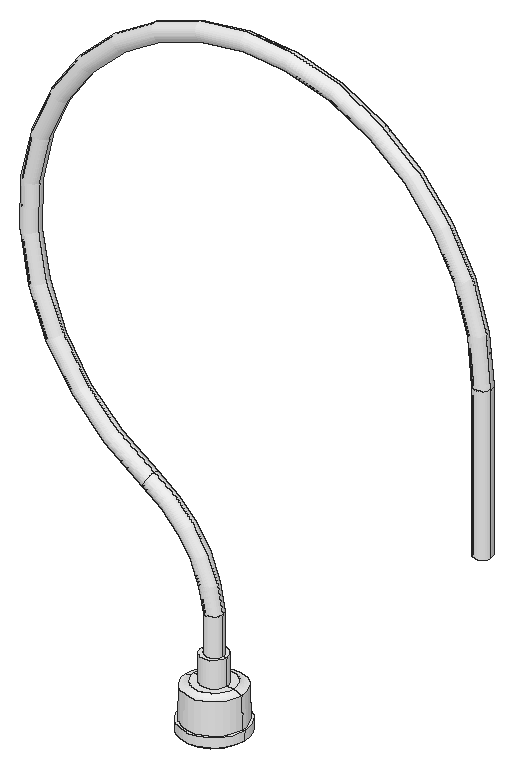
Revit family "PM50", category Generic Models, Revit 2017
Family settings
  Can host rebar = No
  Round Connector Dimension = Use Diameter
  Part Type = Normal
  Work Plane-Based = No
  Always vertical = Yes
  Cut with Voids When Loaded = No
  Shared = No
  Room Calculation Point = No
Parameters
  PM50 = Aluminum
Reference planes (in)
  plane 1 "Center (Front/Back)": y = 0
  plane 2: z = 0
  plane 3 "Center (Left/Right)": x = 0
Forms (in)
  Sweep 1, solid, material "Aluminum" <- "PM50"
    path origin (0, 0, 0) x (1, 0, 0) y (0, 0, 1)
      loop
        line (23.98728, 2.28394) -> (23.98728, 6.32303)
        arc (23.98728, 6.32303) -> (22.79843, 9.66607) -> (20.20619, 12.0888) r 7.50148
        arc (20.20619, 12.0888) -> (19.55442, 35.54291) -> (39.98189, 24) r 13.475
        line (39.98189, 24) -> (39.98189, 15)
    profile origin (39.98189, 0, 19.5) x (0, -1, 0) y (1, 0, 0)
      loop
        circle (0, 0) r 0.5
      loop
        circle (0, 0) r 0.4375
  Revolve 2, solid, material "Aluminum" <- "PM50"
    sketch origin (0, 0, 0) x (1, 0, 0) y (0, 0, 1)
      loop
        line (22.13728, 0.125) -> (22.29728, 0.125) -> (22.29728, 0) -> (22.47397, 0) -> (22.51203, 2.28394)
        arc (22.51203, 2.28394) -> (22.7038, 2.35285) -> (22.87369, 2.46536) r 0.85126
        line (22.87369, 2.46536) -> (23.46228, 2.46536) -> (23.46228, 4.15286) -> (23.23728, 4.15286) -> (23.23728, 2.65286) -> (22.79978, 2.65286)
        arc (22.79978, 2.65286) -> (22.58397, 2.50382) -> (22.32728, 2.45) r 0.66376
        line (22.32728, 2.45) -> (22.29728, 0.65) -> (22.13728, 0.65) -> (22.13728, 0.125)
      axis (23.98728, 4.15286) -> (23.98728, 0)
    angle from 0 to 360
Dimensions and locks (in)
  aligned and locked: plane 2 to level
